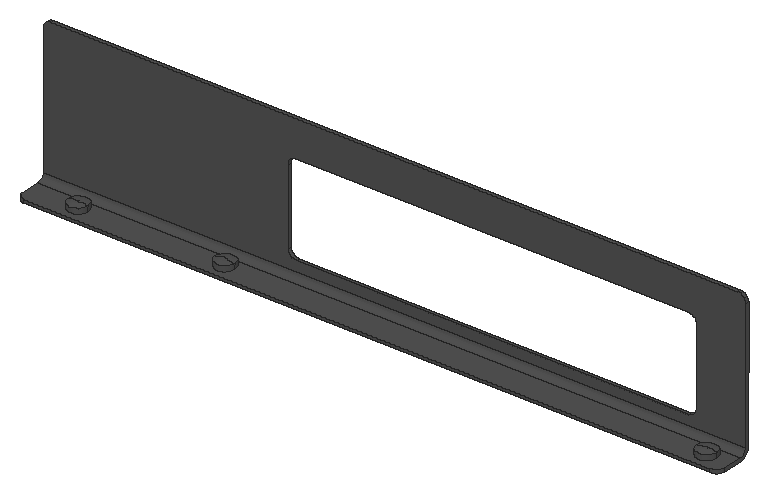
Revit family "CL60027-B_SQUARE HAND TOWEL RAIL", category Specialty Equipment, host Face, Revit 2015
Parameters (values of type "SQUARE HAND TOWEL RAIL BLACK")
  URL = "https://www.clark.com.au/"
  Model = "CL60027.B"
  Material_Base = GWA-Metal-Black
  Manufacturer = "GWA Bathrooms & Kitchens"  # constant formula
  Description = "SQUARE HAND TOWEL RAIL BLACK"
  Default Elevation = 900 mm
  CreatedBy_ANZRS = "GWA Bathrooms & Kitchens"  # constant formula
  Assembly Code = "C1030200"
Types (3, lengths in mm): name | Model | Material_Base | Description
  (no name) | "CL60027.B" | GWA-Metal-Black | "SQUARE HAND TOWEL RAIL BLACK"
  SQUARE HAND TOWEL RAIL BLACK | "CL60027.B" | GWA-Metal-Black | "SQUARE HAND TOWEL RAIL BLACK"
  SQUARE HAND TOWEL RAIL WHTIE | "CL60027.W" | GWA-Metal-White | "SQUARE HAND TOWEL RAIL WHITE"
Reference planes
  plane 1 "Center (Front/Back)": y = 0
  plane 2: z = 0
  plane 3 "Center (Left/Right)": x = 0
Forms (mm)
  Extrusion 1, solid, material "GWA-Metal-Black" <- "Material_Base"
    sketch origin (0, 0, 0) x (0, 1, 0) y (0, 0, 1)
      loop
        line (-10, 2) -> (-10, 0) -> (7, 0)
        arc (7, 0) -> (11.243, 1.757) -> (13, 6) r 6
        line (13, 6) -> (13, 90) -> (11, 90) -> (11, 6)
        arc (11, 6) -> (9.828, 3.172) -> (7, 2) r 4
        line (7, 2) -> (-10, 2)
    from -215 to 215
  Revolve 2, solid, material "GWA-Metal-Black" <- "Material_Base"
    sketch origin (200, 0, 0) x (-1, 0, 0) y (0, 0, 1)
      loop
        line (0, 2) -> (0, 6)
        arc (0, 6) -> (-3.041, 5.748) -> (-6, 5) r 18.5
        line (-6, 5) -> (-6, 2) -> (0, 2)
      axis (0, 6) -> (0, 2)
    angle from 0 to 360
  Revolve 3, solid, material "GWA-Metal-Black" <- "Material_Base"
    sketch origin (-185, 0, 0) x (1, 0, 0) y (0, 0, -1)
      loop
        line (0, -2) -> (-6, -2) -> (-6, -5)
        arc (-6, -5) -> (-3.041, -5.748) -> (0, -6) r 18.5
        line (0, -6) -> (0, -2)
      axis (0, -6) -> (0, -2)
    angle from 0 to 360
  Extrusion 4, void
    sketch origin (-85, -10, 15) x (-1, 0, 0) y (0, 0, 1)
      loop
        line (-295, 80) -> (-305, 80) -> (-305, 70) -> (-300, 70)
        arc (-300, 70) -> (-298.536, 73.536) -> (-295, 75) r 5
        line (-295, 75) -> (-295, 80)
    from 3 to 50
  Extrusion 5, void
    sketch origin (-85, 0, 0) x (-1, 0, 0) y (0, -1, 0)
      loop
        line (-305, 5) -> (-300, 5)
        arc (-300, 5) -> (-298.536, 8.536) -> (-295, 10) r 5
        line (-295, 10) -> (-295, 15) -> (-305, 15) -> (-305, 5)
    from -20 to 20
  Revolve 6, solid, material "GWA-Metal-Black" <- "Material_Base"
    sketch origin (-95, 0, 0) x (1, 0, 0) y (0, 0, -1)
      loop
        line (0, -2) -> (-6, -2) -> (-6, -5)
        arc (-6, -5) -> (-3.041, -5.748) -> (0, -6) r 18.5
        line (0, -6) -> (0, -2)
      axis (0, -6) -> (0, -2)
    angle from 0 to 360
  Extrusion 7, void
    sketch origin (85, -10, 15) x (1, 0, 0) y (0, 0, -1)
      loop
        line (-295, -80) -> (-295, -75)
        arc (-295, -75) -> (-298.536, -73.536) -> (-300, -70) r 5
        line (-300, -70) -> (-305, -70) -> (-305, -80) -> (-295, -80)
    from 3 to 50
  Extrusion 8, void
    sketch origin (85, 0, 0) x (1, 0, 0) y (0, 1, 0)
      loop
        line (-305, -5) -> (-305, -15) -> (-295, -15) -> (-295, -10)
        arc (-295, -10) -> (-298.536, -8.536) -> (-300, -5) r 5
        line (-300, -5) -> (-305, -5)
    from -20 to 20
  Extrusion 9, void
    sketch origin (0, -10, 0) x (-1, 0, 0) y (0, 0, 1)
      loop
        arc (65, 63) -> (63.536, 66.536) -> (60, 68) r 5
        line (60, 68) -> (-180, 68)
        arc (-180, 68) -> (-183.536, 66.536) -> (-185, 63) r 5
        line (-185, 63) -> (-185, 17)
        arc (-185, 17) -> (-183.536, 13.464) -> (-180, 12) r 5
        line (-180, 12) -> (60, 12)
        arc (60, 12) -> (63.536, 13.464) -> (65, 17) r 5
        line (65, 17) -> (65, 63)
    from 3 to 50
Cuts and joins
  Extrusion 4, Extrusion 5, Extrusion 7, Extrusion 8, Extrusion 9 cuts Extrusion 1
Lines and regions (mm)
  Masking region 1
    outline origin (0, 0, 0) x (1, 0, 0) y (0, 1, 0)
      loop
        line (215, 13) -> (-215, 13) -> (-215, -5)
        arc (-215, -5) -> (-213.536, -8.536) -> (-210, -10) r 5
        line (-210, -10) -> (210, -10)
        arc (210, -10) -> (213.536, -8.536) -> (215, -5) r 5
        line (215, -5) -> (215, 13)
  Masking region 2
    outline origin (0, 0, 0) x (1, 0, 0) y (0, 0, 1)
      loop
        line (210, 90) -> (-210, 90)
        arc (-210, 90) -> (-213.536, 88.536) -> (-215, 85) r 5
        line (-215, 85) -> (-215, 0) -> (215, 0) -> (215, 85)
        arc (215, 85) -> (213.536, 88.536) -> (210, 90) r 5
      loop
        line (180, 68) -> (-60, 68)
        arc (-60, 68) -> (-63.536, 66.536) -> (-65, 63) r 5
        line (-65, 63) -> (-65, 17)
        arc (-65, 17) -> (-63.536, 13.464) -> (-60, 12) r 5
        line (-60, 12) -> (180, 12)
        arc (180, 12) -> (183.536, 13.464) -> (185, 17) r 5
        line (185, 17) -> (185, 63)
        arc (185, 63) -> (183.536, 66.536) -> (180, 68) r 5
  Masking region 3
    outline origin (0, 0, 0) x (0, 1, 0) y (0, 0, 1)
      loop
        line (13, 6) -> (13, 90) -> (11, 90) -> (11, 6)
        arc (11, 6) -> (9.828, 3.172) -> (7, 2) r 4
        line (7, 2) -> (6, 2) -> (6, 5)
        arc (6, 5) -> (0, 6) -> (-6, 5) r 18.5
        line (-6, 5) -> (-6, 2) -> (-10, 2) -> (-10, 0) -> (7, 0)
        arc (7, 0) -> (11.243, 1.757) -> (13, 6) r 6
  symbolic lines
    curve 1: line (215, 11, 0) -> (-215, 11, 0)
    curve 2: circle (-185, 0, 0) r 6 normal (0, 0, 1)
    curve 3: circle (-95, 0, 0) r 6 normal (0, 0, 1)
    curve 4: circle (200, 0, 0) r 6 normal (0, 0, 1)
    curve 5: line (0, 6, 2) -> (0, -6, 2)
    curve 6: line (0, 6, 5) -> (0, -6, 5)
Dimensions and locks
  aligned and locked: plane 2 to host face
  aligned and locked: level to host face
